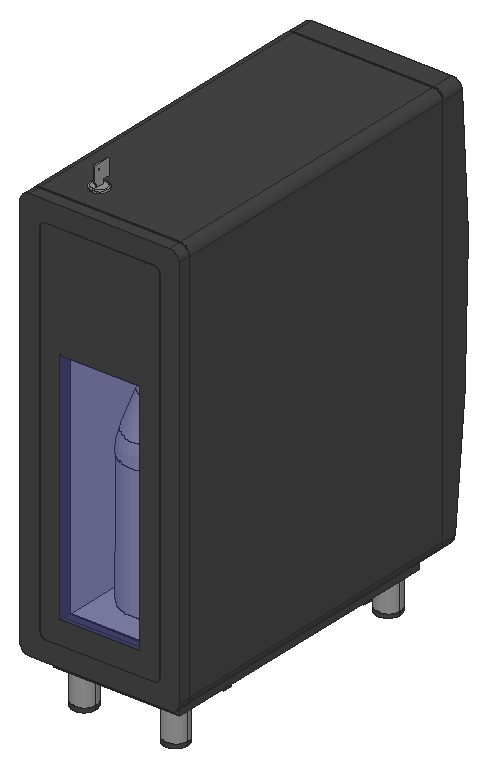
Revit family "Franke_Flavor_Station_FS3-A600_FM_EC_A600_FM_CM_A800_FM_EC", category Sonderausstattung, Revit 2015
Parameters (values of type "Flavor Station FS3-A600 FM EC,A600 FM CM,A800 FM EC(230V/black line/EU)")
  URL = "http://www.franke.com/main/de/cs/produkte/produktsuche/produktsuche.html#akCache=true&p=1&t=grid&f=cat14_3210"
  Tiefe = 452 mm
  Spannung = 230 V
  Sicherung = "10 A"
  Netzfrequenz alternativ = 60 Hz
  Netzfrequenz = 50 Hz
  Modell = "410888 - Flavor Station FS3-A600 FM EC, A600 FM CM, A800 FM EC"
  Leistung = 50 W
  Kosten = 0
  Kapazität = "max. 3 Flaschen"
  Höhe = 544 mm
  Hersteller = "Franke"
  Energieverlust nach DIN18873 = "k.A."
  Breite = 200 mm
  Beschreibung = "Beistellgerät Flavor Station ermöglicht die vollautomatisierte und konstant dosierte Zuführung von Sirups"
  Assembly Code = "Beistellgerät Flavor Station"
  Keynote = "Beistellgerät Flavor Station"
  Aufstellgewicht = "17 kg"
  Anzahl von Polen = 1
  Anzahl der Schutzleiter = "1"
  Anzahl der Nullleiter = "1"
  Abdeckung = Franke Black
Types (3, lengths in mm): name | Abdeckung
  (no name) | Franke Black
  Flavor Station FS3-A600 FM EC,A600 FM CM,A800 FM EC(230V/black line/EU) | Franke Black
  Flavor Station FS3-A600 FM EC,A600 FM CM,A800 FM EC(230V/anthrazit/EU) | Franke Anthrazit
Reference planes
  plane 1 "Mitte (Vorne/Hinten)": y = 0
  plane 2: z = 0
  plane 3 "Mitte (Links/Rechts)": x = 0
Forms (mm)
  Revolve 1, solid, material "Franke Glas, klare Verglasung, niedrige Emission"
    sketch origin (0, -122.422, 0) x (1, 0, 0) y (0, 0, 1)
      loop
        line (0, 119) -> (42.5, 119) -> (42.5, 285)
        arc (42.5, 285) -> (41.359, 298.689) -> (37.969, 312) r 82.717
        arc (37.969, 312) -> (30.026, 334.024) -> (21.951, 356) r 3887.726
        arc (21.951, 356) -> (18.197, 369.268) -> (16.953, 383) r 74.483
        line (16.953, 383) -> (0, 383) -> (0, 119)
      axis (0, 119) -> (0, 383)
    angle from 0 to 360
  Revolve 2, solid, material "Franke Kunststoff"
    sketch origin (0, -122.422, 0) x (1, 0, 0) y (0, 0, 1)
      loop
        line (0, 383) -> (16.953, 383) -> (16.953, 417) -> (0, 417) -> (0, 383)
      axis (0, 383) -> (0, 417)
    angle from 0 to 360
  Extrusion 3, solid, material "Franke Black" <- "Abdeckung"
    sketch origin (0, 0, 0) x (1, 0, 0) y (0, 0, 1)
      loop
        line (88, 585) -> (-88, 585)
        arc (-88, 585) -> (-96.485, 581.485) -> (-100, 573) r 12
        line (-100, 573) -> (-100, 77)
        arc (-100, 77) -> (-96.485, 68.515) -> (-88, 65) r 12
        line (-88, 65) -> (-85, 65) -> (85, 65) -> (88, 65)
        arc (88, 65) -> (96.485, 68.515) -> (100, 77) r 12
        line (100, 77) -> (100, 573)
        arc (100, 573) -> (96.485, 581.485) -> (88, 585) r 12
      loop
        arc (67, 90) -> (72.657, 92.343) -> (75, 98) r 8
        line (75, 98) -> (75, 552)
        arc (75, 552) -> (72.657, 557.657) -> (67, 560) r 8
        line (67, 560) -> (-67, 560)
        arc (-67, 560) -> (-72.657, 557.657) -> (-75, 552) r 8
        line (-75, 552) -> (-75, 98)
        arc (-75, 98) -> (-72.657, 92.343) -> (-67, 90) r 8
        line (-67, 90) -> (67, 90)
    from 199.53 to 214.53
  Extrusion 4, solid, material "Franke Black"
    sketch origin (0, 0, 0) x (1, 0, 0) y (0, 0, 1)
      loop
        arc (-67, 560) -> (-72.657, 557.657) -> (-75, 552) r 8
        line (-75, 552) -> (-75, 98)
        arc (-75, 98) -> (-72.657, 92.343) -> (-67, 90) r 8
        line (-67, 90) -> (67, 90)
        arc (67, 90) -> (72.657, 92.343) -> (75, 98) r 8
        line (75, 98) -> (75, 552)
        arc (75, 552) -> (72.657, 557.657) -> (67, 560) r 8
        line (67, 560) -> (-67, 560)
      loop
        line (-50, 417) -> (-50, 119) -> (50, 119) -> (50, 417) -> (-50, 417)
    from 199.53 to 214.53
  Extrusion 5, solid, material "Franke Glas"
    sketch origin (0, 0, 0) x (1, 0, 0) y (0, 0, 1)
      loop
        line (-50, 417) -> (-50, 119) -> (50, 119) -> (50, 417) -> (-50, 417)
    from 209.53 to 214.53
  Extrusion 6, solid, material "Franke Black"
    sketch origin (0, 0, 0) x (1, 0, 0) y (0, 0, 1)
      loop
        line (88, 585) -> (-88, 585)
        arc (-88, 585) -> (-96.485, 581.485) -> (-100, 573) r 12
        line (-100, 573) -> (-100, 77)
        arc (-100, 77) -> (-96.485, 68.515) -> (-88, 65) r 12
        line (-88, 65) -> (-85, 65) -> (85, 65) -> (88, 65)
        arc (88, 65) -> (96.485, 68.515) -> (100, 77) r 12
        line (100, 77) -> (100, 573)
        arc (100, 573) -> (96.485, 581.485) -> (88, 585) r 12
    from -198.03 to 198.03
  Extrusion 7, void
    sketch origin (0, 0, 0) x (1, 0, 0) y (0, 0, 1)
      loop
        line (-55, 422) -> (-55, 114) -> (55, 114) -> (55, 422) -> (-55, 422)
    from 4.53 to 267.821
  Extrusion 8, solid, material "Franke Black"
    sketch origin (0, 0, 0) x (0, 1, 0) y (0, 0, 1)
      loop
        line (186.97, 65) -> (-188.03, 65) -> (-188.03, 45) -> (186.97, 45) -> (186.97, 65)
    from -79 to 79
  Extrusion 9, solid, material "Franke Black"
    sketch origin (0, 0, 0) x (0, 1, 0) y (0, 0, 1)
      loop
        line (199.53, 585) -> (199.53, 65) -> (216.03, 65)
        arc (216.03, 65) -> (224.982, 150.997) -> (233.478, 237.039) r 16328.175
        arc (233.478, 237.039) -> (233.864, 241.879) -> (234.093, 246.728) r 150
        arc (234.093, 246.728) -> (236.227, 326.074) -> (237.701, 405.435) r 9548.581
        arc (237.701, 405.435) -> (237.699, 406.999) -> (237.648, 408.563) r 50
        arc (237.648, 408.563) -> (233.118, 496.797) -> (228.03, 585) r 14002.549
        line (228.03, 585) -> (199.53, 585)
    from -100 to 100
  Extrusion 10, void
    sketch origin (0, 0, 0) x (1, 0, 0) y (0, 0, 1)
      loop
        line (-88, 585) -> (-88, 595) -> (-110, 595) -> (-110, 573) -> (-100, 573)
        arc (-100, 573) -> (-96.485, 581.485) -> (-88, 585) r 12
      loop
        arc (88, 585) -> (96.485, 581.485) -> (100, 573) r 12
        line (100, 573) -> (110, 573) -> (110, 595) -> (88, 595) -> (88, 585)
      loop
        arc (-88, 65) -> (-96.485, 68.515) -> (-100, 77) r 12
        line (-100, 77) -> (-110, 77) -> (-110, 55) -> (-88, 55) -> (-88, 65)
      loop
        line (88, 65) -> (88, 55) -> (110, 55) -> (110, 77) -> (100, 77)
        arc (100, 77) -> (96.485, 68.515) -> (88, 65) r 12
    from -305.226 to 299.817
  Revolve 11, solid, material "Franke Stahl, verchromt"
    sketch origin (-42, 0, 0) x (0, 1, 0) y (0, 0, 1)
      loop
        line (-162.53, 588) -> (-172.563, 588)
        arc (-172.563, 588) -> (-173.27, 587.707) -> (-173.563, 587) r 1
        line (-173.563, 587) -> (-173.563, 585) -> (-162.53, 585) -> (-162.53, 588)
      axis (-162.53, 588) -> (-162.53, 585)
    angle from 0 to 360
  Extrusion 12, solid, material "Franke Stahl, verchromt"
    sketch origin (0, 0, 0) x (1, 0, 0) y (0, 1, 0)
      loop
        circle (57.5, -167.03) r 15
      loop
        circle (57.5, 166.47) r 15
      loop
        circle (-57.5, -167.03) r 15
      loop
        circle (-57.5, 166.47) r 15
    from 5 to 45
  Extrusion 13, solid, material "Franke Black"
    sketch origin (0, 0, 10) x (0, -1, 0) y (1, 0, 0)
      loop
        circle (167.03, -57.5) r 15
      loop
        circle (-166.47, -57.5) r 15
      loop
        circle (167.03, 57.5) r 15
      loop
        circle (-166.47, 57.5) r 15
    from -10 to -5
  Extrusion 14, solid, material "Franke Black"
    sketch origin (0, 0, 0) x (1, 0, 0) y (0, 1, 0)
      loop
        line (-76.6, 116.47) -> (-76.6, 104.47) -> (-62.6, 104.47) -> (-62.6, 116.47) -> (-76.6, 116.47)
      loop
        line (-76.6, -104.03) -> (-76.6, -116.03) -> (-62.6, -116.03) -> (-62.6, -104.03) -> (-76.6, -104.03)
      loop
        line (76.6, 116.47) -> (62.6, 116.47) -> (62.6, 104.47) -> (76.6, 104.47) -> (76.6, 116.47)
      loop
        line (76.6, -104.03) -> (62.6, -104.03) -> (62.6, -116.03) -> (76.6, -116.03) -> (76.6, -104.03)
    from 40 to 45
  Extrusion 15, solid, material "Franke Innenraum FS3"
    sketch origin (0, 0, 0) x (1, 0, 0) y (0, 0, 1)
      loop
        line (55, 422) -> (-55, 422) -> (-55, 114) -> (55, 114) -> (55, 422)
      loop
        line (50, 417) -> (-50, 417) -> (-50, 119) -> (50, 119) -> (50, 417)
    from 0 to 198.03
  Extrusion 16, solid
    sketch origin (0, 0, 0) x (1, 0, 0) y (0, 0, 1)
      loop
        line (-90, 75) -> (90, 75) -> (90, 575) -> (-90, 575) -> (-90, 75)
      loop
        line (55, 422) -> (-55, 422) -> (-55, 114) -> (55, 114) -> (55, 422)
    from 198.03 to 199.53
  Extrusion 17, solid
    sketch origin (0, 397.56, 0) x (1, 0, 0) y (0, 0, 1)
      loop
        line (-90, 75) -> (90, 75) -> (90, 575) -> (-90, 575) -> (-90, 75)
    from 198.03 to 199.53
  Extrusion 18, solid, material "Franke Stahl, verchromt"
    sketch origin (0, 0, 0) x (0, 1, 0) y (0, 0, 1)
      loop
        arc (-169.199, 613) -> (-169.907, 612.707) -> (-170.199, 612) r 1
        line (-170.199, 612) -> (-170.199, 594)
        arc (-170.199, 594) -> (-169.907, 593.293) -> (-169.199, 593) r 1
        line (-169.199, 593) -> (-167.163, 593) -> (-167.163, 588) -> (-157.898, 588) -> (-157.898, 593) -> (-149.885, 593)
        arc (-149.885, 593) -> (-149.178, 593.293) -> (-148.885, 594) r 1
        line (-148.885, 594) -> (-148.885, 612)
        arc (-148.885, 612) -> (-149.178, 612.707) -> (-149.885, 613) r 1
        line (-149.885, 613) -> (-169.199, 613)
      loop
        circle (-164.449, 607.092) r 2
    from -43 to -41
  Extrusion 19, solid, material "Franke Stahl, verchromt"
    sketch origin (0, 0, 0) x (1, 0, 0) y (0, 1, 0)
      loop
        circle (0, 147.268) r 2.5
    from 40 to 45
Cuts and joins
  Extrusion 10 cuts Extrusion 9
  Extrusion 7 cuts Extrusion 6
Dimensions and locks
  aligned and locked: level to plane 2
Connectors
  electrical at (0, 147.268, 40), driven by "Spannung", driven by "Anzahl von Polen"
    settings: on Extrusion 19, index 1, voltage 230 V, apparent load 0 VA, apparent load phase1 0 VA, apparent load phase2 0 VA, apparent load phase3 0 VA, power factor 1, load classification "Strom", number of poles 1, system type 31, power factor state 1, is connector primary yes, connector utility no, sub classification motor no, connector description ""
